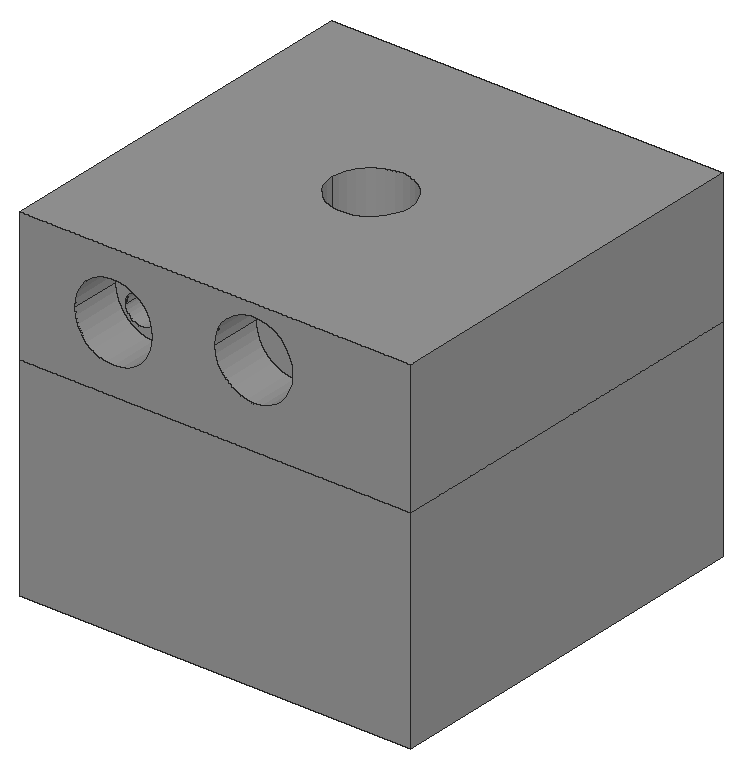
Revit family "pump1", category Generic Models, Revit 2022
Family settings
  Can host rebar = No
  Round Connector Dimension = Use Diameter
  Part Type = Normal
  Work Plane-Based = No
  Always vertical = Yes
  Cut with Voids When Loaded = No
  Maintain Annotation Orientation = No
  Shared = No
  Room Calculation Point = No
Parameters
  Default Elevation = 0' - 0"
Reference planes (in)
  plane 1 "Center (Front/Back)": y = 0
  plane 2: z = 0
  plane 3 "Center (Left/Right)": x = 0
Forms (in)
  Extrusion 1, solid, material "Black Plastic"
    sketch origin (0.48247, 6.7199, 0) x (1, 0, 0) y (0, 1, 0)
      loop
        line (-26.34155, -8.57067) -> (-23.84155, -8.57067) -> (-23.84155, -6.07067) -> (-26.34155, -6.07067) -> (-26.34155, -8.57067)
    from 0 to 1.35156
  Extrusion 2, solid, material "Clear Plastic"
    sketch origin (0.48247, 6.7199, 1.35156) x (1, 0, 0) y (0, 1, 0)
      loop
        line (-26.34155, -6.07067) -> (-26.34155, -8.57067) -> (-23.84155, -8.57067) -> (-23.84155, -6.07067) -> (-26.34155, -6.07067)
    from 0 to 0.85156
  Extrusion 3, void
    sketch origin (-23.35908, -1.85077, 1.35156) x (1, 0, 0) y (0, 0, -1)
      loop
        circle (-1.9, -0.42578) r 0.25
      loop
        circle (-1, -0.52578) r 0.25
    from 0 to 0.32422
  Extrusion 4, void
    sketch origin (0.48247, 6.7199, 1.35156) x (1, 0, 0) y (0, 1, 0)
      loop
        circle (-25.09155, -7.32067) r 0.8
    from 0 to 0.28125
  Extrusion 5, void
    sketch origin (0.48247, 6.7199, 1.63281) x (1, 0, 0) y (0, 1, 0)
      loop
        circle (-25.09155, -7.32067) r 0.25
    from 0 to 0.57031
  Extrusion 6, void
    sketch origin (-23.35908, -1.52655, 1.35156) x (1, 0, 0) y (0, 0, -1)
      loop
        circle (-1.98128, -0.32906) r 0.1
      loop
        circle (-0.97652, -0.64395) r 0.1
    from 0 to 1
Cuts and joins
  Extrusion 3, Extrusion 4, Extrusion 5, Extrusion 6 cuts Extrusion 2
  Extrusion 4 cuts Extrusion 1
Dimensions and locks (in)
  aligned and locked: plane 2 to level
